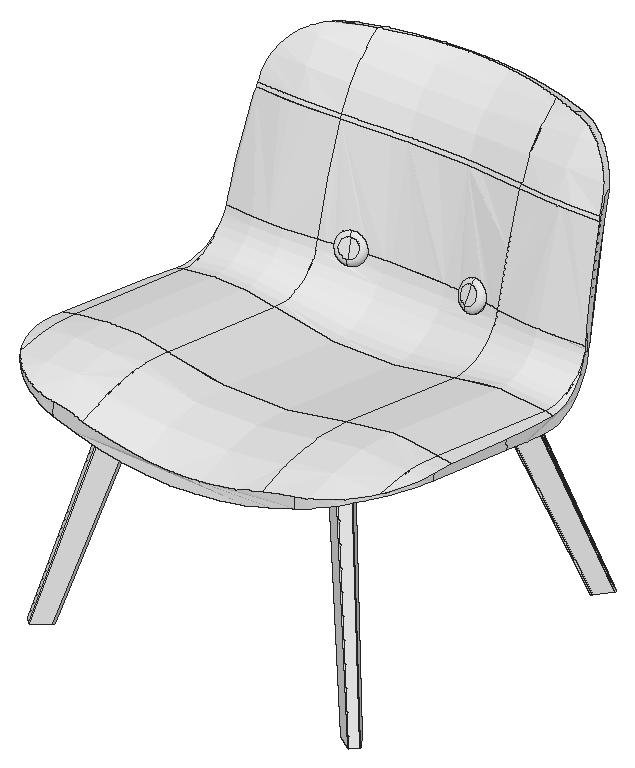
Revit family "HighTower_Eyes_Lounge_WoodLeg", category Furniture, Revit 2015
Parameters
  Width = 2' - 1 1/2"  # constant formula
  URL = "www.hightoweraccess.com"
  Seat Height = 1' - 3 1/4"  # constant formula
  Product URL = "http://www.hightoweraccess.com/product/Eyes-Lounge/"
  Model = "EJ300S"
  Manufacturer = "HighTower"
  Height = 2' - 4 1/2"  # constant formula
  Description = "Eyes, Lounge, Wood Legs"
  Depth = 2' - 4 1/2"  # constant formula
  Upholstery [instance] = Furniture - HIGH TOWER - Eyes - Upholstery
  Leg [instance] = Furniture - HIGH TOWER - Eyes - Leg
  Assembly Description = "Furniture & Accessories"
  Assembly Code = "E2020200"
Reference planes (in)
  plane 1 "Center Front/Back": y = -0.7524
  plane 2: z = 0
  plane 3 "Center Left/Right": x = 0
  plane 4: x = -10
  plane 5: x = 10
  plane 6 "t": z = 32.5
  plane 7: y = -12.5024
  plane 8: y = 10.9976
  plane 9: z = 18
  plane 10: y = -5.07893
  plane 11: through (0, -15.33394, 47.37114) normal (0, 0.9781, -0.2079)
  plane 12: x = -11
  plane 13: through (-11.04731, -180, 0.25736) normal (-0.9312, 0, 0.3646)
Forms (in)
  Blend 1, solid, material "Furniture - HIGH TOWER - Eyes - Leg" <- "Leg"
    base sketch origin (0, 0, 32.5) x (-1, 0, 0) y (0, -1, 0)
      loop
        line (11.3834, -11.2714) -> (10.67626, -10.27165)
        arc (10.67626, -10.27165) -> (10.6191, -10.23892) -> (10.55724, -10.26152) r 0.07813
        line (10.55724, -10.26152) -> (9.86467, -10.95409)
        arc (9.86467, -10.95409) -> (9.84207, -11.01595) -> (9.8748, -11.07311) r 0.07813
        line (9.8748, -11.07311) -> (10.87455, -11.78025)
        arc (10.87455, -11.78025) -> (10.92628, -11.79431) -> (10.9749, -11.77171) r 0.07813
        line (10.9749, -11.77171) -> (11.37486, -11.37176)
        arc (11.37486, -11.37176) -> (11.39746, -11.32314) -> (11.3834, -11.2714) r 0.07813
    top sketch origin (0, 0, 32.5) x (-1, 0, 0) y (0, -1, 0)
      loop
        line (7.59154, -7.31088) -> (6.62896, -5.94999)
        arc (6.62896, -5.94999) -> (6.55286, -5.90641) -> (6.47049, -5.9365) r 0.10402
        line (6.47049, -5.9365) -> (5.53965, -6.86733)
        arc (5.53965, -6.86733) -> (5.50956, -6.94971) -> (5.55314, -7.02581) r 0.10402
        line (5.55314, -7.02581) -> (6.91402, -7.98839)
        arc (6.91402, -7.98839) -> (6.98291, -8.00711) -> (7.04765, -7.97702) r 0.10402
        line (7.04765, -7.97702) -> (7.58017, -7.4445)
        arc (7.58017, -7.4445) -> (7.61026, -7.37977) -> (7.59154, -7.31088) r 0.10402
    from -32.5 to -18.85362
  Blend 2, solid, material "Furniture - HIGH TOWER - Eyes - Leg" <- "Leg"
    base sketch origin (0, 0, 32.5) x (1, 0, 0) y (0, 1, 0)
      loop
        arc (11.3834, 11.2714) -> (11.39746, 11.32314) -> (11.37486, 11.37176) r 0.07813
        line (11.37486, 11.37176) -> (10.9749, 11.77171)
        arc (10.9749, 11.77171) -> (10.92628, 11.79431) -> (10.87455, 11.78025) r 0.07813
        line (10.87455, 11.78025) -> (9.8748, 11.07311)
        arc (9.8748, 11.07311) -> (9.84207, 11.01595) -> (9.86467, 10.95409) r 0.07813
        line (9.86467, 10.95409) -> (10.55724, 10.26152)
        arc (10.55724, 10.26152) -> (10.6191, 10.23892) -> (10.67626, 10.27165) r 0.07813
        line (10.67626, 10.27165) -> (11.3834, 11.2714)
    top sketch origin (0, 0, 32.5) x (1, 0, 0) y (0, 1, 0)
      loop
        arc (7.59154, 7.31088) -> (7.61026, 7.37977) -> (7.58017, 7.4445) r 0.10402
        line (7.58017, 7.4445) -> (7.04765, 7.97702)
        arc (7.04765, 7.97702) -> (6.98291, 8.00711) -> (6.91402, 7.98839) r 0.10402
        line (6.91402, 7.98839) -> (5.55314, 7.02581)
        arc (5.55314, 7.02581) -> (5.50956, 6.94971) -> (5.53965, 6.86733) r 0.10402
        line (5.53965, 6.86733) -> (6.47049, 5.9365)
        arc (6.47049, 5.9365) -> (6.55286, 5.90641) -> (6.62896, 5.94999) r 0.10402
        line (6.62896, 5.94999) -> (7.59154, 7.31088)
    from -32.5 to -18.85362
  Blend 3, solid, material "Furniture - HIGH TOWER - Eyes - Leg" <- "Leg"
    base sketch origin (0, 0.83996, 32.5) x (1, 0, 0) y (0, 1, 0)
      loop
        line (11.3834, -11.2714) -> (10.67626, -10.27165)
        arc (10.67626, -10.27165) -> (10.6191, -10.23892) -> (10.55724, -10.26152) r 0.07813
        line (10.55724, -10.26152) -> (9.86467, -10.95409)
        arc (9.86467, -10.95409) -> (9.84207, -11.01595) -> (9.8748, -11.07311) r 0.07813
        line (9.8748, -11.07311) -> (10.87455, -11.78025)
        arc (10.87455, -11.78025) -> (10.92628, -11.79431) -> (10.9749, -11.77171) r 0.07813
        line (10.9749, -11.77171) -> (11.37486, -11.37176)
        arc (11.37486, -11.37176) -> (11.39746, -11.32314) -> (11.3834, -11.2714) r 0.07813
    top sketch origin (0, 0.83996, 32.5) x (1, 0, 0) y (0, 1, 0)
      loop
        line (7.59154, -7.31088) -> (6.62896, -5.94999)
        arc (6.62896, -5.94999) -> (6.55286, -5.90641) -> (6.47049, -5.9365) r 0.10402
        line (6.47049, -5.9365) -> (5.53965, -6.86733)
        arc (5.53965, -6.86733) -> (5.50956, -6.94971) -> (5.55314, -7.02581) r 0.10402
        line (5.55314, -7.02581) -> (6.91402, -7.98839)
        arc (6.91402, -7.98839) -> (6.98291, -8.00711) -> (7.04765, -7.97702) r 0.10402
        line (7.04765, -7.97702) -> (7.58017, -7.4445)
        arc (7.58017, -7.4445) -> (7.61026, -7.37977) -> (7.59154, -7.31088) r 0.10402
    from -32.5 to -16.24681
  Blend 4, solid, material "Furniture - HIGH TOWER - Eyes - Leg" <- "Leg"
    base sketch origin (0, 0.83996, 32.5) x (-1, 0, 0) y (0, -1, 0)
      loop
        arc (11.3834, 11.2714) -> (11.39746, 11.32314) -> (11.37486, 11.37176) r 0.07813
        line (11.37486, 11.37176) -> (10.9749, 11.77171)
        arc (10.9749, 11.77171) -> (10.92628, 11.79431) -> (10.87455, 11.78025) r 0.07813
        line (10.87455, 11.78025) -> (9.8748, 11.07311)
        arc (9.8748, 11.07311) -> (9.84207, 11.01595) -> (9.86467, 10.95409) r 0.07813
        line (9.86467, 10.95409) -> (10.55724, 10.26152)
        arc (10.55724, 10.26152) -> (10.6191, 10.23892) -> (10.67626, 10.27165) r 0.07813
        line (10.67626, 10.27165) -> (11.3834, 11.2714)
    top sketch origin (0, 0.83996, 32.5) x (-1, 0, 0) y (0, -1, 0)
      loop
        arc (7.59154, 7.31088) -> (7.61026, 7.37977) -> (7.58017, 7.4445) r 0.10402
        line (7.58017, 7.4445) -> (7.04765, 7.97702)
        arc (7.04765, 7.97702) -> (6.98291, 8.00711) -> (6.91402, 7.98839) r 0.10402
        line (6.91402, 7.98839) -> (5.55314, 7.02581)
        arc (5.55314, 7.02581) -> (5.50956, 6.94971) -> (5.53965, 6.86733) r 0.10402
        line (5.53965, 6.86733) -> (6.47049, 5.9365)
        arc (6.47049, 5.9365) -> (6.55286, 5.90641) -> (6.62896, 5.94999) r 0.10402
        line (6.62896, 5.94999) -> (7.59154, 7.31088)
    from -32.5 to -16.24681
  Extrusion 5, void
    sketch origin (0, 0, 0) x (0, 1, 0) y (0, 0, 1)
      loop
        line (13.25749, 13.64638) -> (13.25749, 18) -> (-15.24251, 18) -> (-15.24251, 13.64638) -> (13.25749, 13.64638)
    from -17.68429 to 12
Cuts and joins
  Extrusion 5 cuts Blend 2
  Extrusion 5 cuts Blend 3
  Extrusion 5 cuts Blend 4
Dimensions and locks (in)
  equal spacing: plane 4, plane 3 "Center Left/Right", plane 5
  equal spacing: plane 8, plane 1 "Center Front/Back", plane 7
Automatic sketch dimensions
  Blend 1 sketch curve to plane 8 = 0' - 0.04351"
  plane 4 to Blend 1 sketch curve = 0' - 0.13533"
  plane 8 to Blend 1 sketch curve = 0' - 0.07551"
  Blend 1 sketch curve to Blend 1 sketch curve = 0' - 0.01013"
  plane 8 to Blend 1 sketch curve = 0' - 0 3/256"
  plane 12 to Blend 1 sketch curve = 0' - 0.44276"
  Blend 1 sketch curve to Blend 1 sketch curve = 0' - 0.05524"  (x3)
  Blend 1 sketch curve to Blend 1 sketch curve = 0' - 0.06378"  (x2)
  plane 12 to Blend 1 sketch curve = 0' - 0.12545"
  Blend 1 sketch curve to Blend 1 sketch curve = 0' - 0.04511"  (x3)
  plane 12 to Blend 1 sketch curve = 0' - 0.0251"
  Blend 1 sketch curve to plane 12 = 0' - 0.31961"
  plane 8 to Blend 1 sketch curve = 0' - 0.2738"
  Blend 1 sketch curve to Blend 1 sketch curve = 0' - 0.39995"
  Blend 1 sketch curve to plane 8 = 0' - 0.68084"
  plane 4 to Blend 1 sketch curve = 0' - 4.46035"
  Blend 1 sketch curve to Blend 1 sketch curve = 0' - 0.01349"
  Blend 1 sketch curve to Blend 1 sketch curve = 0' - 0.06007"  (x3)
  Blend 1 sketch curve to Blend 1 sketch curve = 0' - 0.93083"  (x2)
  Blend 1 sketch curve to Blend 1 sketch curve = 0' - 0.07355"  (x4)
  Blend 1 sketch curve to Blend 1 sketch curve = 0' - 0.08492"  (x3)
  Blend 1 sketch curve to Blend 1 sketch curve = 0' - 1.36088"
  Blend 1 sketch curve to Blend 1 sketch curve = 0' - 0.53252"  (x2)
  Blend 1 sketch curve to plane 8 = 0' - 3.00921"
  Blend 1 sketch curve to Blend 1 sketch curve = 0' - 0.01137"
  Blend 1 sketch curve to Blend 1 sketch curve = 0' - 0.96258"
  plane 8 to Blend 2 sketch curve = 0' - 0.04351"
  Blend 2 sketch curve to plane 5 = 0' - 0.13533"
  Blend 2 sketch curve to plane 8 = 0' - 0.07551"
  Blend 2 sketch curve to Blend 2 sketch curve = 0' - 0.01013"
  Blend 2 sketch curve to plane 8 = 0' - 0 3/256"
  plane 5 to Blend 2 sketch curve = 0' - 0.55724"
  Blend 2 sketch curve to Blend 2 sketch curve = 0' - 0.05524"  (x4)
  Blend 2 sketch curve to Blend 2 sketch curve = 0' - 0.06378"  (x2)
  plane 5 to Blend 2 sketch curve = 0' - 0.87455"
  Blend 2 sketch curve to Blend 2 sketch curve = 0' - 0.04511"  (x3)
  Blend 2 sketch curve to Blend 2 sketch curve = 0' - 0.39995"  (x2)
  Blend 2 sketch curve to plane 8 = 0' - 0.2738"
  plane 8 to Blend 2 sketch curve = 0' - 0.68084"
  Blend 2 sketch curve to plane 5 = 0' - 4.46035"
  Blend 2 sketch curve to Blend 2 sketch curve = 0' - 0.01349"
  Blend 2 sketch curve to Blend 2 sketch curve = 0' - 0.06007"  (x3)
  Blend 2 sketch curve to Blend 2 sketch curve = 0' - 0.93083"  (x2)
  Blend 2 sketch curve to Blend 2 sketch curve = 0' - 0.07355"  (x4)
  Blend 2 sketch curve to Blend 2 sketch curve = 0' - 0.08492"  (x3)
  Blend 2 sketch curve to Blend 2 sketch curve = 0' - 1.36088"
  Blend 2 sketch curve to Blend 2 sketch curve = 0' - 0.53252"  (x2)
  plane 8 to Blend 2 sketch curve = 0' - 3.00921"
  Blend 2 sketch curve to Blend 2 sketch curve = 0' - 0.01137"
  Blend 2 sketch curve to Blend 2 sketch curve = 0' - 0.96258"
  plane 5 to Blend 3 sketch curve = 0' - 0.13533"
  Blend 3 sketch curve to Blend 3 sketch curve = 0' - 0.01013"
  Blend 3 sketch curve to Blend 3 sketch curve = 0' - 0.05524"  (x5)
  Blend 3 sketch curve to plane 5 = 0' - 0.55724"
  Blend 3 sketch curve to Blend 3 sketch curve = 0' - 0.06378"  (x3)
  Blend 3 sketch curve to plane 5 = 0' - 0.87455"
  Blend 3 sketch curve to Blend 3 sketch curve = 0' - 0.04511"  (x2)
  Blend 3 sketch curve to Blend 3 sketch curve = 0' - 0.39995"  (x2)
  plane 7 to Blend 3 sketch curve = 0' - 1.56211"
  Blend 3 sketch curve to Blend 3 sketch curve = 0' - 0.00854"
  Blend 3 sketch curve to Blend 3 sketch curve = 0' - 0.70714"
  Blend 3 sketch curve to Blend 3 sketch curve = 0' - 0.69256"
  plane 10 to Blend 3 sketch curve = 0' - 0.94844"
  plane 5 to Blend 3 sketch curve = 0' - 4.46035"
  Blend 3 sketch curve to Blend 3 sketch curve = 0' - 0.01349"
  Blend 3 sketch curve to Blend 3 sketch curve = 0' - 0.06007"  (x3)
  plane 10 to Blend 3 sketch curve = 0' - 0.0176"
  Blend 3 sketch curve to Blend 3 sketch curve = 0' - 0.93083"
  Blend 3 sketch curve to Blend 3 sketch curve = 0' - 0.07355"  (x4)
  plane 10 to Blend 3 sketch curve = 0' - 0.03109"
  Blend 3 sketch curve to Blend 3 sketch curve = 0' - 0.08492"  (x2)
  Blend 3 sketch curve to Blend 3 sketch curve = 0' - 1.36088"
  Blend 3 sketch curve to Blend 3 sketch curve = 0' - 0.53252"  (x2)
  plane 10 to Blend 3 sketch curve = 0' - 1.39198"
  Blend 3 sketch curve to Blend 3 sketch curve = 0' - 0.15848"
  Blend 4 sketch curve to plane 4 = 0' - 0.13533"
  Blend 4 sketch curve to Blend 4 sketch curve = 0' - 0.01013"
  Blend 4 sketch curve to Blend 4 sketch curve = 0' - 0.05524"  (x4)
  Blend 4 sketch curve to plane 12 = 0' - 0.44276"
  Blend 4 sketch curve to Blend 4 sketch curve = 0' - 0.06378"  (x3)
  Blend 4 sketch curve to plane 12 = 0' - 0.12545"
  Blend 4 sketch curve to Blend 4 sketch curve = 0' - 0.04511"  (x2)
  Blend 4 sketch curve to plane 12 = 0' - 0.0251"
  plane 12 to Blend 4 sketch curve = 0' - 0.31961"
  Blend 4 sketch curve to plane 7 = 0' - 1.56211"
  Blend 4 sketch curve to Blend 4 sketch curve = 0' - 0.00854"
  Blend 4 sketch curve to Blend 4 sketch curve = 0' - 0.39995"
  Blend 4 sketch curve to Blend 4 sketch curve = 0' - 0.70714"
  Blend 4 sketch curve to Blend 4 sketch curve = 0' - 0.69256"
  Blend 4 sketch curve to plane 10 = 0' - 0.94844"
  Blend 4 sketch curve to plane 4 = 0' - 4.46035"
  Blend 4 sketch curve to Blend 4 sketch curve = 0' - 0.01349"
  Blend 4 sketch curve to Blend 4 sketch curve = 0' - 0.06007"  (x3)
  Blend 4 sketch curve to plane 10 = 0' - 0.0176"
  Blend 4 sketch curve to Blend 4 sketch curve = 0' - 0.93083"
  Blend 4 sketch curve to Blend 4 sketch curve = 0' - 0.07355"  (x4)
  Blend 4 sketch curve to plane 10 = 0' - 0.03109"
  Blend 4 sketch curve to Blend 4 sketch curve = 0' - 0.08492"  (x2)
  Blend 4 sketch curve to Blend 4 sketch curve = 0' - 1.36088"
  Blend 4 sketch curve to Blend 4 sketch curve = 0' - 0.53252"  (x2)
  Blend 4 sketch curve to plane 10 = 0' - 1.39198"
  Blend 4 sketch curve to Blend 4 sketch curve = 0' - 0.15848"
  plane 9 to Extrusion 5 sketch curve = 0' - 0"
  Extrusion 5 sketch curve to plane 7 = 0' - 2.74011"
  plane 8 to Extrusion 5 sketch curve = 0' - 2.25989"
  plane 9 to Extrusion 5 sketch curve = 0' - 4.35362"
Nested families (in)
  nested 1: "HighTower_Eyes_Seat2" at (0, 2.5, -4.35362), Body <- "Upholstery", type "HighTower_Eyes_Seat2"
    with Top none, Leg none, Body Furniture - HIGH TOWER - Eyes - Upholstery
Definition of nested family "HighTower_Eyes_Seat2"
  Parameters
    Width = 1' - 8"  # constant formula
    URL = "www.hightoweraccess.com"
    Top [instance] = none
    Product URL = ""
    Model = ""
    Manufacturer = "HighTower"
    Height = 2' - 8 1/2"  # constant formula
    Description = ""
    Depth = 1' - 11 1/2"  # constant formula
    Body [instance] = none
    Leg [instance] = none
    Assembly Description = ""
    Assembly Code = ""
  Reference planes (in)
    plane 1 "Center Front/Back": y = -0.7524
    plane 2: z = 0
    plane 3 "Center Left/Right": x = 0
    plane 4: x = -10
    plane 5: x = 10
    plane 6 "t": z = 32.5
    plane 7: y = -12.5024
    plane 8: y = 10.9976
    plane 9: z = 18
    plane 10: y = -5.07893
    plane 11: through (0, -15.33394, 47.37114) normal (0, 0.9781, -0.2079)
    plane 12: through (0, 27.09833, 11.38849) normal (0, 0.9998, -0.0175)
    plane 13: through (0, 3.33033, 11.01349) normal (0, 0.9998, -0.0175)
    plane 14: through (0, 1.64402, 17.17622) normal (0, 0.9986, -0.0523)
  Forms (in)
    Extrusion 1, solid, material <- "Body"
      sketch origin (0, 0, 0) x (0, 1, 0) y (0, 0, 1)
        loop
          line (15.7923, 35.87616) -> (-15.44415, 35.87616) -> (-15.44415, 11.74825) -> (15.7923, 11.74825) -> (15.7923, 35.87616)
      from -14.39295 to 14.41889
    Extrusion 2, void
      sketch origin (0, 0, 0) x (0, 1, 0) y (0, 0, 1)
        loop
          line (15.28202, 24.79873) -> (6.78196, 9.46422) -> (18.03196, 9.46422) -> (18.03196, 24.21422) -> (15.28202, 24.79873)
      from -15.42884 to 12
    Revolve 3, solid, material <- "Body"
      sketch origin (-1.44054, -0.30272, 0.37236) x (-0.258819, 0.965926, 0) y (0, 0, 1)
        loop
          line (6.14548, 20.43432) -> (6.45209, 21.23308) -> (6.33539, 21.27788)
          arc (6.33539, 21.27788) -> (6.23975, 21.27537) -> (6.1739, 21.20598) r 0.125
          line (6.1739, 21.20598) -> (5.91208, 20.52392) -> (6.14548, 20.43432)
        axis (6.14548, 20.43432) -> (5.91208, 20.52392)
      angle from 0 to 360
    Revolve 4, solid, material <- "Body"
      sketch origin (1.44054, -0.30272, 0.37236) x (0.258819, 0.965926, 0) y (0, 0, -1)
        loop
          line (6.14548, -20.43432) -> (5.91208, -20.52392) -> (6.1739, -21.20598)
          arc (6.1739, -21.20598) -> (6.23975, -21.27537) -> (6.33539, -21.27788) r 0.125
          line (6.33539, -21.27788) -> (6.45209, -21.23308) -> (6.14548, -20.43432)
        axis (6.14548, -20.43432) -> (5.91208, -20.52392)
      angle from 0 to 360
    Blend 5, void
      base sketch origin (0, -13.91157, 6.8433) x (-1, 0, 0) y (0, 0.34202, 0.939693)
        loop
          line (14.95504, 25.12861) -> (14.95504, 34.15488) -> (-14.95504, 34.15488) -> (-14.95504, 25.12861) -> (-11.82637, 25.12861) -> (-11.53729, 27.87897)
          arc (-11.53729, 27.87897) -> (-10.28687, 30.54704) -> (-7.65377, 31.86951) r 4.5
          arc (-7.65377, 31.86951) -> (0, 32.375) -> (7.65377, 31.86951) r 58.19662
          arc (7.65377, 31.86951) -> (10.28687, 30.54704) -> (11.53729, 27.87897) r 4.5
          line (11.53729, 27.87897) -> (11.82637, 25.12861) -> (14.95504, 25.12861)
      top sketch origin (0, -13.91157, 6.8433) x (-1, 0, 0) y (0, 0.34202, 0.939693)
        loop
          line (15.43541, 24.89585) -> (15.43541, 34.21205) -> (-15.43541, 34.21205) -> (-15.43541, 24.89585) -> (-12.20624, 24.89585) -> (-11.90788, 27.73456)
          arc (-11.90788, 27.73456) -> (-10.6173, 30.48833) -> (-7.89961, 31.85327) r 4.64454
          arc (-7.89961, 31.85327) -> (0, 32.375) -> (7.89961, 31.85327) r 60.06595
          arc (7.89961, 31.85327) -> (10.6173, 30.48833) -> (11.90788, 27.73456) r 4.64454
          line (11.90788, 27.73456) -> (12.20624, 24.89585) -> (15.43541, 24.89585)
      from 9.38297 to 18.25537
    Sweep 6, void
      path origin (0, 25.3894, -6.01498) x (0, 0.999391, 0.034899) y (0, -0.034899, 0.999391)
        loop
          line (12.84328, 44.54806) -> (8.54287, 33.3451)
          arc (8.54287, 33.3451) -> (7.46129, 30.16834) -> (6.62638, 26.91803) r 43.75
          arc (6.62638, 26.91803) -> (4.10818, 23.2065) -> (-0.27983, 22.27796) r 6
          line (-0.27983, 22.27796) -> (-14.92437, 24.86019)
      profile origin (0, 24.33225, 16.23965) x (0, -0.139173, -0.990268) y (1, 0, 0)
        loop
          line (-4.10364, -16.80238) -> (9.21634, -16.80238) -> (9.21634, 16.57672) -> (-4.10364, 16.57672)
          arc (-4.10364, 16.57672) -> (1.14562, -0.11283) -> (-4.10364, -16.80238) r 29.15606
    Sweep 7, void
      path origin (0, 1.6214, -6.38998) x (0, 0.999391, 0.034899) y (0, -0.034899, 0.999391)
        loop
          line (12.84328, 44.54806) -> (8.54287, 33.3451)
          arc (8.54287, 33.3451) -> (7.46129, 30.16834) -> (6.62638, 26.91803) r 43.75
          arc (6.62638, 26.91803) -> (4.10818, 23.2065) -> (-0.27983, 22.27796) r 6
          line (-0.27983, 22.27796) -> (-10.13202, 24.01517)
          arc (-10.13202, 24.01517) -> (-12.58987, 24.5376) -> (-15.00529, 25.23021) r 36
          line (-15.00529, 25.23021) -> (-23.31052, 27.92875)
      profile origin (0, 0.56426, 15.86465) x (0, -0.139173, -0.990268) y (1, 0, 0)
        loop
          line (-4.69054, -16.80238) -> (9.21634, -16.80238) -> (9.21634, 16.57672) -> (-4.69054, 16.57672)
          arc (-4.69054, 16.57672) -> (1.14562, -0.11283) -> (-4.69054, -16.80238) r 26.78144
    Sweep 8, void
      path origin (0, -0.67124, -0.15701) x (0, 1, 0) y (0, 0, 1)
        loop
          line (22.68571, 33.80561) -> (15.46927, 33.17425)
          arc (15.46927, 33.17425) -> (11.35199, 31.59378) -> (8.69787, 28.07164) r 8
          line (8.69787, 28.07164) -> (8.5928, 27.79793)
          arc (8.5928, 27.79793) -> (7.51065, 24.61925) -> (6.67547, 21.36695) r 43.75
          arc (6.67547, 21.36695) -> (5.0529, 18.93077) -> (2.20566, 18.25186) r 4
          line (2.20566, 18.25186) -> (-7.00441, 19.55454)
          arc (-7.00441, 19.55454) -> (-13.17534, 18.80099) -> (-18.1411, 15.06074) r 12
          line (-18.1411, 15.06074) -> (-18.9493, 14.02629)
      profile origin (0, 1.53442, 18.09485) x (0, -0.140046, -0.990145) y (1, 0, 0)
        loop
          line (-0.10979, -16.12158) -> (-0.82831, -12.4467)
          arc (-0.82831, -12.4467) -> (-1.10445, -9.28873) -> (-0.71077, -6.14325) r 15
          arc (-0.71077, -6.14325) -> (0, 0.0012) -> (-0.71132, 6.14559) r 26.90374
          arc (-0.71132, 6.14559) -> (-1.10427, 9.24173) -> (-0.84802, 12.35217) r 15
          line (-0.84802, 12.35217) -> (0.24144, 18.12842) -> (-3.23771, 18.12842) -> (-3.23771, -16.12158) -> (-0.10979, -16.12158)
    Extrusion 9, void
      sketch origin (0, 0, 0) x (0, 1, 0) y (0, 0, 1)
        loop
          line (14.80415, 36.86671) -> (-17.02645, 36.86671) -> (-17.02645, 21.86671) -> (-24.57537, 21.86671) -> (2.64234, 19.96346) -> (6.6974, 31.10466) -> (9.42925, 34.36035) -> (14.80415, 36.86671)
      from -18.48946 to 17.71825
    Blend 10, void
      base sketch origin (0, 0, 32.5) x (-1, 0, 0) y (0, -1, 0)
        loop
          line (12.92842, 9.33334) -> (12.77705, 3.19225)
          arc (12.77705, 3.19225) -> (12.51032, -0.81391) -> (11.90973, -4.78377) r 48
          line (11.90973, -4.78377) -> (10.70188, -10.9976) -> (17.17727, -10.9976) -> (17.17727, 18.76875) -> (-17.17727, 18.76875) -> (-17.17727, -10.9976) -> (-10.70188, -10.9976) -> (-11.90973, -4.78377)
          arc (-11.90973, -4.78377) -> (-12.51032, -0.81391) -> (-12.77705, 3.19225) r 48
          line (-12.77705, 3.19225) -> (-12.92842, 9.33334)
          arc (-12.92842, 9.33334) -> (-11.54953, 13.01086) -> (-8.00504, 14.70264) r 5.25
          arc (-8.00504, 14.70264) -> (0, 14.95067) -> (8.00504, 14.70264) r 129.30268
          arc (8.00504, 14.70264) -> (11.54953, 13.01086) -> (12.92842, 9.33334) r 5.25
      top sketch origin (0, 0, 32.5) x (-1, 0, 0) y (0, -1, 0)
        loop
          line (13.73645, 8.98226) -> (13.57561, 2.45735)
          arc (13.57561, 2.45735) -> (13.29222, -1.7992) -> (12.65409, -6.01717) r 51
          line (12.65409, -6.01717) -> (11.37075, -12.61937) -> (18.25085, -12.61937) -> (18.25085, 19.00738) -> (-18.25085, 19.00738) -> (-18.25085, -12.61937) -> (-11.37075, -12.61937) -> (-12.65409, -6.01717)
          arc (-12.65409, -6.01717) -> (-13.29222, -1.7992) -> (-13.57561, 2.45735) r 51
          line (-13.57561, 2.45735) -> (-13.73645, 8.98226)
          arc (-13.73645, 8.98226) -> (-12.27137, 12.88963) -> (-8.50535, 14.68714) r 5.57813
          arc (-8.50535, 14.68714) -> (0, 14.95067) -> (8.50535, 14.68714) r 137.38409
          arc (8.50535, 14.68714) -> (12.27137, 12.88963) -> (13.73645, 8.98226) r 5.57813
      from 5.49375 to -28.62831
    Revolve 11, solid, material <- "Body"
      sketch origin (-2.74993, 1.81198, -0.38436) x (-0.224951, 0.969032, 0.101849) y (0, -0.104528, 0.994522)
        loop
          line (6.51714, 21.11066) -> (6.97113, 22.00167) -> (6.78954, 22.0942)
          arc (6.78954, 22.0942) -> (6.50341, 22.11672) -> (6.28517, 21.93032) r 0.375
          line (6.28517, 21.93032) -> (6.00142, 21.37344) -> (6.51714, 21.11066)
        axis (6.51714, 21.11066) -> (6.00142, 21.37344)
      angle from 0 to 360
    Revolve 12, solid, material <- "Body"
      sketch origin (2.74993, 1.81198, -0.38436) x (0.224951, 0.969032, 0.101849) y (0, 0.104528, -0.994522)
        loop
          line (6.51714, -21.11066) -> (6.00142, -21.37344) -> (6.28517, -21.93032)
          arc (6.28517, -21.93032) -> (6.50341, -22.11672) -> (6.78954, -22.0942) r 0.375
          line (6.78954, -22.0942) -> (6.97113, -22.00167) -> (6.51714, -21.11066)
        axis (6.51714, -21.11066) -> (6.00142, -21.37344)
      angle from 0 to 360
  Cuts and joins
    Extrusion 2, Blend 5, Sweep 6, Sweep 7, Sweep 8, Extrusion 9, Blend 10 cuts Extrusion 1
    Blend 5, Sweep 6, Sweep 7, Sweep 8, Extrusion 9, Blend 10 cuts Revolve 3
    Blend 5, Sweep 6, Sweep 7, Sweep 8, Extrusion 9, Blend 10 cuts Revolve 4
    joined: Extrusion 1, Revolve 3, Revolve 4, Revolve 11, Revolve 12
  Lines and regions (in)
    Masking region 1
      outline origin (0, -4.62978, 0) x (-1, 0, 0) y (0, 0, 1)
        loop
          line (12.29027, 20.14808) -> (11.60968, 27.92722)
          arc (11.60968, 27.92722) -> (10.2054, 30.90282) -> (7.20441, 32.25199) r 4.75
          arc (7.20441, 32.25199) -> (0, 32.5) -> (-7.20441, 32.25199) r 104.76268
          arc (-7.20441, 32.25199) -> (-10.2054, 30.90282) -> (-11.60968, 27.92722) r 4.75
          line (-11.60968, 27.92722) -> (-12.29027, 20.14808)
          arc (-12.29027, 20.14808) -> (-12.30996, 20.09089) -> (-12.35419, 20.04964) r 0.125
          line (-12.35419, 20.04964) -> (-12.63057, 19.89645)
          arc (-12.63057, 19.89645) -> (-12.74636, 19.78365) -> (-12.78888, 19.62769) r 0.30729
          line (-12.78888, 19.62769) -> (-12.78888, 19.39348)
          arc (-12.78888, 19.39348) -> (-12.74283, 19.03151) -> (-12.60762, 18.6926) r 1.44567
          line (-12.60762, 18.6926) -> (-12.46042, 18.42705)
          arc (-12.46042, 18.42705) -> (-12.44008, 18.39986) -> (-12.41317, 18.37915) r 0.125
          arc (-12.41317, 18.37915) -> (0, 15.07876) -> (12.41317, 18.37915) r 24.99393
          arc (12.41317, 18.37915) -> (12.44008, 18.39986) -> (12.46042, 18.42705) r 0.125
          line (12.46042, 18.42705) -> (12.60762, 18.6926)
          arc (12.60762, 18.6926) -> (12.74283, 19.03151) -> (12.78888, 19.39348) r 1.44567
          line (12.78888, 19.39348) -> (12.78888, 19.62769)
          arc (12.78888, 19.62769) -> (12.74636, 19.78365) -> (12.63057, 19.89645) r 0.30729
          line (12.63057, 19.89645) -> (12.35419, 20.04964)
          arc (12.35419, 20.04964) -> (12.30996, 20.09089) -> (12.29027, 20.14808) r 0.125
    Masking region 2
      outline origin (0, 0, 0) x (0, 1, 0) y (0, 0, 1)
        loop
          line (8.44542, 19.63027) -> (12.98767, 32.11001)
          arc (12.98767, 32.11001) -> (12.95027, 32.34877) -> (12.72828, 32.44432) r 0.25
          line (12.72828, 32.44432) -> (12.27135, 32.39938)
          arc (12.27135, 32.39938) -> (10.07671, 31.58899) -> (8.55948, 29.80821) r 4.6248
          line (8.55948, 29.80821) -> (4.47197, 21.34539)
          arc (4.47197, 21.34539) -> (3.15124, 19.93331) -> (1.26219, 19.52126) r 3.25
          line (1.26219, 19.52126) -> (-9.62396, 20.47367)
          arc (-9.62396, 20.47367) -> (-11.53046, 20.4071) -> (-13.36423, 19.88127) r 7.82668
          line (-13.36423, 19.88127) -> (-13.69416, 19.74123)
          arc (-13.69416, 19.74123) -> (-14.37538, 19.24174) -> (-14.76215, 18.49077) r 1.84274
          line (-14.76215, 18.49077) -> (-14.90645, 17.912)
          arc (-14.90645, 17.912) -> (-14.87766, 17.72192) -> (-14.72246, 17.60847) r 0.25
          arc (-14.72246, 17.60847) -> (-6.75869, 16.01495) -> (1.30505, 15.04704) r 104.11252
          arc (1.30505, 15.04704) -> (5.64877, 16.13353) -> (8.44542, 19.63027) r 7
    Masking region 3
      outline origin (0, 0, 32.5) x (-1, 0, 0) y (0, -1, 0)
        loop
          arc (12.78965, 9.43467) -> (11.52472, 12.93663) -> (8.1902, 14.59334) r 5
          arc (8.1902, 14.59334) -> (0, 14.91942) -> (-8.1902, 14.59334) r 103.01998
          arc (-8.1902, 14.59334) -> (-11.52472, 12.93663) -> (-12.78965, 9.43467) r 5
          line (-12.78965, 9.43467) -> (-12.25434, -5.89453)
          arc (-12.25434, -5.89453) -> (-11.2732, -8.97872) -> (-8.83279, -11.10458) r 6
          arc (-8.83279, -11.10458) -> (0, -13.09614) -> (8.83279, -11.10458) r 20.58295
          arc (8.83279, -11.10458) -> (11.2732, -8.97872) -> (12.25434, -5.89453) r 6
          line (12.25434, -5.89453) -> (12.78965, 9.43467)
    symbolic lines
      curve 1: spline (-4.31857, -4.62978, 20.40639) -> (-4.56754, -4.62978, 20.48489) -> (-4.78771, -4.62978, 20.62515) -> (-4.96407, -4.62978, 20.81762) -> (-5.08461, -4.62978, 21.04918) -> (-5.14112, -4.62978, 21.30404) -> (-5.12973, -4.62978, 21.56485) -> (-5.05123, -4.62978, 21.81382) -> (-4.91097, -4.62978, 22.03399) -> (-4.7185, -4.62978, 22.21035) -> (-4.48694, -4.62978, 22.33089) -> (-4.23208, -4.62978, 22.38739) -> (-3.97127, -4.62978, 22.37601) -> (-3.7223, -4.62978, 22.29751) -> (-3.50213, -4.62978, 22.15724) -> (-3.32577, -4.62978, 21.96478) -> (-3.20523, -4.62978, 21.73322) -> (-3.14873, -4.62978, 21.47835) -> (-3.16011, -4.62978, 21.21755) -> (-3.23861, -4.62978, 20.96858) -> (-3.37888, -4.62978, 20.74841) -> (-3.57135, -4.62978, 20.57205) -> (-3.8029, -4.62978, 20.45151) -> (-4.05777, -4.62978, 20.395) -> (-4.31857, -4.62978, 20.40639)
      curve 2: arc (-9.019, -4.62978, 20.30292) -> (0, -4.62978, 19.26311) -> (9.019, -4.62978, 20.30292) r 39.6341
      curve 3: arc (-11.90889, -4.62978, 20.20462) -> (-10.47046, -4.62978, 20.4453) -> (-9.019, -4.62978, 20.30292) r 5.54941
      curve 4: arc (9.019, -4.62978, 20.30292) -> (10.47046, -4.62978, 20.4453) -> (11.90889, -4.62978, 20.20462) r 5.54941
      curve 5: arc (8.61822, 10.65296, 32.5) -> (0, 12.59614, 32.5) -> (-8.61822, 10.65296, 32.5) r 20.08295
      curve 6: arc (-8.61822, 10.65296, 32.5) -> (-11.01193, 8.71362, 32.5) -> (-12.25434, 5.89453, 32.5) r 6.55017
      curve 7: arc (8.61822, 10.65296, 32.5) -> (11.01193, 8.71362, 32.5) -> (12.25434, 5.89453, 32.5) r 6.55017
      curve 8: spline (-5.18348, 5.87795, 32.5) -> (-5.16647, 5.99107, 32.5) -> (-5.07893, 6.10912, 32.5) -> (-4.92684, 6.22405, 32.5) -> (-4.72056, 6.32804, 32.5) -> (-4.47413, 6.41399, 32.5) -> (-4.20437, 6.47606, 32.5) -> (-3.92965, 6.51, 32.5) -> (-3.66869, 6.51351, 32.5) -> (-3.43928, 6.48635, 32.5) -> (-3.25705, 6.43036, 32.5) -> (-3.13442, 6.34937, 32.5) -> (-3.07974, 6.2489, 32.5) -> (-3.09675, 6.13578, 32.5) -> (-3.18429, 6.01773, 32.5) -> (-3.33638, 5.90279, 32.5) -> (-3.54267, 5.79881, 32.5) -> (-3.78909, 5.71285, 32.5) -> (-4.05885, 5.65079, 32.5) -> (-4.33358, 5.61684, 32.5) -> (-4.59453, 5.61333, 32.5) -> (-4.82395, 5.6405, 32.5) -> (-5.00618, 5.69648, 32.5) -> (-5.12881, 5.77747, 32.5) -> (-5.18348, 5.87795, 32.5)
      curve 9: spline (5.18348, 5.87795, 32.5) -> (5.16647, 5.99107, 32.5) -> (5.07893, 6.10912, 32.5) -> (4.92684, 6.22405, 32.5) -> (4.72056, 6.32804, 32.5) -> (4.47413, 6.41399, 32.5) -> (4.20437, 6.47606, 32.5) -> (3.92965, 6.51, 32.5) -> (3.66869, 6.51351, 32.5) -> (3.43928, 6.48635, 32.5) -> (3.25705, 6.43036, 32.5) -> (3.13442, 6.34937, 32.5) -> (3.07974, 6.2489, 32.5) -> (3.09675, 6.13578, 32.5) -> (3.18429, 6.01773, 32.5) -> (3.33638, 5.90279, 32.5) -> (3.54267, 5.79881, 32.5) -> (3.78909, 5.71285, 32.5) -> (4.05885, 5.65079, 32.5) -> (4.33358, 5.61684, 32.5) -> (4.59453, 5.61333, 32.5) -> (4.82395, 5.6405, 32.5) -> (5.00618, 5.69648, 32.5) -> (5.12881, 5.77747, 32.5) -> (5.18348, 5.87795, 32.5)
      curve 10: spline (4.31857, -4.62978, 20.40639) -> (4.56754, -4.62978, 20.48489) -> (4.78771, -4.62978, 20.62515) -> (4.96407, -4.62978, 20.81762) -> (5.08461, -4.62978, 21.04918) -> (5.14112, -4.62978, 21.30404) -> (5.12973, -4.62978, 21.56485) -> (5.05123, -4.62978, 21.81382) -> (4.91097, -4.62978, 22.03399) -> (4.7185, -4.62978, 22.21035) -> (4.48694, -4.62978, 22.33089) -> (4.23208, -4.62978, 22.38739) -> (3.97127, -4.62978, 22.37601) -> (3.7223, -4.62978, 22.29751) -> (3.50213, -4.62978, 22.15724) -> (3.32577, -4.62978, 21.96478) -> (3.20523, -4.62978, 21.73322) -> (3.14873, -4.62978, 21.47835) -> (3.16011, -4.62978, 21.21755) -> (3.23861, -4.62978, 20.96858) -> (3.37888, -4.62978, 20.74841) -> (3.57135, -4.62978, 20.57205) -> (3.8029, -4.62978, 20.45151) -> (4.05777, -4.62978, 20.395) -> (4.31857, -4.62978, 20.40639)
      curve 11: line (-12.78849, -4.62978, 19.35996) -> (-12.35895, -4.62978, 19.35996)
      curve 12: arc (-10.62915, -4.62978, 19.1052) -> (0, -4.62978, 17.53978) -> (10.62915, -4.62978, 19.1052) r 36.86837
      curve 13: line (12.78849, -4.62978, 19.35996) -> (12.35895, -4.62978, 19.35996)
      curve 14: arc (-12.35895, -4.62978, 19.35996) -> (-11.48472, -4.62978, 19.29593) -> (-10.62915, -4.62978, 19.1052) r 6
      curve 15: arc (10.62915, -4.62978, 19.1052) -> (11.48472, -4.62978, 19.29593) -> (12.35895, -4.62978, 19.35996) r 6
      curve 16: line (-12.78836, -4.62978, 19.60996) -> (-12.35895, -4.62978, 19.60996)
      curve 17: arc (-12.35895, -4.62978, 19.60996) -> (-11.44829, -4.62978, 19.54326) -> (-10.55707, -4.62978, 19.34459) r 6.25
      curve 18: arc (-10.55707, -4.62978, 19.34459) -> (0, -4.62978, 17.78978) -> (10.55707, -4.62978, 19.34459) r 36.61837
      curve 19: arc (10.55707, -4.62978, 19.34459) -> (11.44829, -4.62978, 19.54326) -> (12.35895, -4.62978, 19.60996) r 6.25
      curve 20: line (12.78836, -4.62978, 19.60996) -> (12.35895, -4.62978, 19.60996)
      curve 21: line (0, 9.40412, 30.4681) -> (0, 4.9698, 20.95868)
      curve 22: line (0, 1.26911, 18.82208) -> (0, -9.95725, 19.80426)
      curve 23: line (0, -12.46555, 19.76048) -> (0, -13.39743, 19.64606)
      curve 24: arc (0, 9.40412, 30.4681) -> (0, 10.26056, 31.58424) -> (0, 11.50846, 32.23385) r 3.25
      curve 25: arc (0, 4.9698, 20.95868) -> (0, 3.45629, 19.30697) -> (0, 1.26911, 18.82208) r 3.72505
      curve 26: arc (0, -9.95725, 19.80426) -> (0, -11.21254, 19.84809) -> (0, -12.46555, 19.76048) r 12
      curve 27: arc (0, -13.39743, 19.64606) -> (0, -14.26224, 19.26102) -> (0, -14.76389, 18.45821) r 1.61892
      curve 28: line (0, -14.61056, 17.58157) -> (0, -14.40167, 18.36115)
      curve 29: arc (0, -13.35173, 19.27385) -> (0, -14.01622, 18.978) -> (0, -14.40167, 18.36115) r 1.24392
      curve 30: line (0, -12.41985, 19.38827) -> (0, -13.35173, 19.27385)
      curve 31: arc (0, -9.98993, 19.43069) -> (0, -11.206, 19.47315) -> (0, -12.41985, 19.38827) r 11.625
      curve 32: line (0, 1.23642, 18.44851) -> (0, -9.98993, 19.43069)
      curve 33: arc (0, 5.30967, 20.8002) -> (0, 3.64379, 18.98221) -> (0, 1.23642, 18.44851) r 4.10005
      curve 34: line (0, 9.79698, 30.42328) -> (0, 5.30967, 20.8002)
      curve 35: line (0, 12.98126, 32.09238) -> (0, 12.0202, 31.99788)
      curve 36: arc (0, 12.0202, 31.99788) -> (0, 10.6999, 31.50523) -> (0, 9.79698, 30.42328) r 2.75
  Dimensions and locks (in)
    equal spacing: plane 4, plane 3 "Center Left/Right", plane 5
    equal spacing: plane 8, plane 1 "Center Front/Back", plane 7
    "Width": plane 4 to plane 5
    "Depth": plane 8 to plane 7
    "Height": plane 6 "t" to level
  Automatic sketch dimensions
    Extrusion 1 sketch curve to plane 7 = 0' - 2.94175"
    plane 8 to Extrusion 1 sketch curve = 0' - 4.7947"
    plane 9 to Extrusion 1 sketch curve = 0' - 6.25175"
    plane 6 "t" to Extrusion 1 sketch curve = 0' - 3.37616"
    Extrusion 2 sketch curve to plane 8 = 0' - 4.21564"
    plane 8 to Extrusion 2 sketch curve = 0' - 4.28442"
    Extrusion 2 sketch curve to Extrusion 2 sketch curve = 0' - 2.74994"
    plane 9 to Extrusion 2 sketch curve = 0' - 8.53578"
    Extrusion 2 sketch curve to plane 9 = 0' - 6.21422"
    Extrusion 2 sketch curve to Extrusion 2 sketch curve = 0' - 0.58452"
    Revolve 3 sketch curve to plane 9 = 0' - 2.89627"
    Revolve 3 sketch curve to plane 9 = 0' - 2.8511"
    Revolve 3 sketch curve to Revolve 3 sketch curve = 0' - 0.11769"
    Revolve 3 sketch curve to plane 9 = 0' - 2.80668"  (x2)
    Revolve 3 sketch curve to Revolve 3 sketch curve = 0' - 0.1157"
    Revolve 3 sketch curve to Revolve 3 sketch curve = 0' - 0"
    Revolve 3 sketch curve to Revolve 3 sketch curve = 0' - 0.26182"
    Revolve 3 sketch curve to Revolve 3 sketch curve = 0' - 0.1167"
    Revolve 3 sketch curve to Revolve 3 sketch curve = 0' - 0.0448"
    Revolve 3 sketch curve to plane 9 = 0' - 3.60544"
    Revolve 4 sketch curve to plane 9 = 0' - 2.89627"
    Revolve 4 sketch curve to plane 9 = 0' - 2.8511"
    Revolve 4 sketch curve to Revolve 4 sketch curve = 0' - 0.11769"
    Revolve 4 sketch curve to plane 9 = 0' - 2.80668"  (x2)
    Revolve 4 sketch curve to Revolve 4 sketch curve = 0' - 0.1157"
    Revolve 4 sketch curve to Revolve 4 sketch curve = 0' - 0"
    Revolve 4 sketch curve to Revolve 4 sketch curve = 0' - 0.26182"
    Revolve 4 sketch curve to Revolve 4 sketch curve = 0' - 0.1167"
    Revolve 4 sketch curve to Revolve 4 sketch curve = 0' - 0.0448"
    Revolve 4 sketch curve to plane 9 = 0' - 3.60544"
    Sweep 6 sketch curve to plane 9 = 0' - 0.30921"
    Sweep 6 sketch curve to plane 8 = 0' - 1.39109"
    Sweep 6 sketch curve to Sweep 6 sketch curve = 1' - 2 165/256"
    Sweep 6 sketch curve to Sweep 6 sketch curve = 0' - 1.04189"
    Sweep 6 sketch curve to Sweep 6 sketch curve = 0' - 5.86432"
    Sweep 6 sketch curve to Sweep 6 sketch curve = 0' - 0"
    Sweep 6 sketch curve to Sweep 6 sketch curve = 0' - 1.91649"
    Sweep 6 sketch curve to Sweep 6 sketch curve = 0' - 4.30042"
    Sweep 6 sketch curve to Sweep 6 sketch curve = 3' - 4.84414"
    Sweep 6 sketch curve to Sweep 6 sketch curve = 0' - 2.58223"
    Sweep 6 sketch curve to Sweep 6 sketch curve = 0' - 4.61146"
    Sweep 6 sketch curve to Sweep 6 sketch curve = 0' - 11.20297"
    Sweep 6 sketch curve to plane 3 "Center Left/Right" = 0' - 0.11283"
    profile plane to Sweep 6 sketch curve = 2' - 4.01044"
    profile plane to Sweep 6 sketch curve = 0' - 4.10364"  (x2)
    Sweep 6 sketch curve to profile plane = 0' - 9.21634"
    Sweep 6 sketch curve to plane 3 "Center Left/Right" = 1' - 4.80238"
    Sweep 7 sketch curve to plane 3 "Center Left/Right" = 0' - 0.11283"
    profile plane to Sweep 7 sketch curve = 2' - 1.63582"
    profile plane to Sweep 7 sketch curve = 0' - 4.69054"  (x2)
    Sweep 7 sketch curve to profile plane = 0' - 9.21634"
    Sweep 7 sketch curve to plane 3 "Center Left/Right" = 1' - 4.80238"
    Sweep 8 sketch curve to plane 3 "Center Left/Right" = 0' - 0"
    profile plane to Sweep 8 sketch curve = 2' - 2.90374"
    profile plane to Sweep 8 sketch curve = 0' - 3.23771"
    profile plane to Sweep 8 sketch curve = 0' - 0.84802"
    profile plane to Sweep 8 sketch curve = 0' - 0.82831"
    profile plane to Sweep 8 sketch curve = 0' - 0.71132"
    Sweep 8 sketch curve to Sweep 8 sketch curve = 0' - 0"  (x3)
    profile plane to Sweep 8 sketch curve = 0' - 0.71077"
    profile plane to Sweep 8 sketch curve = 0' - 0.10979"
    Sweep 8 sketch curve to profile plane = 0' - 0.24144"
    Sweep 8 sketch curve to profile plane = 1' - 1.89209"
    Sweep 8 sketch curve to profile plane = 1' - 1.89294"
    Sweep 8 sketch curve to plane 3 "Center Left/Right" = 0' - 6.14325"
    Sweep 8 sketch curve to Sweep 8 sketch curve = 0' - 3.67488"
    Sweep 8 sketch curve to Sweep 8 sketch curve = 0' - 5.77626"
    Extrusion 9 sketch curve to plane 7 = 0' - 4.52405"
    Extrusion 9 sketch curve to plane 7 = 1' - 0.07297"
    Extrusion 9 sketch curve to plane 1 "Center Front/Back" = 0' - 3.39474"
    Extrusion 9 sketch curve to plane 6 "t" = 0' - 1.39534"
    Extrusion 9 sketch curve to plane 8 = 0' - 4.3002"
    Extrusion 9 sketch curve to plane 8 = 0' - 1.56835"
    plane 8 to Extrusion 9 sketch curve = 0' - 3.80655"
    Extrusion 9 sketch curve to plane 9 = 0' - 3.86671"
    Extrusion 9 sketch curve to plane 9 = 0' - 1.96346"
    plane 6 "t" to Extrusion 9 sketch curve = 0' - 1.86035"
    plane 6 "t" to Extrusion 9 sketch curve = 0' - 4.36671"
    Sweep 8 sketch curve to plane 7 = 0' - 7.11814"
    plane 9 to Sweep 8 sketch curve = 0' - 3.09627"
    Sweep 8 sketch curve to Sweep 8 sketch curve = 0' - 0.8082"
    plane 7 to Sweep 8 sketch curve = 0' - 3.14619"
    plane 10 to Sweep 8 sketch curve = 0' - 2.59672"
    Sweep 8 sketch curve to plane 9 = 0' - 0.09485"
    Sweep 8 sketch curve to plane 1 "Center Front/Back" = 0' - 2.28682"
    Sweep 8 sketch curve to plane 1 "Center Front/Back" = 0' - 2.847"
    Sweep 8 sketch curve to plane 9 = 0' - 3.20994"
    Sweep 8 sketch curve to Sweep 8 sketch curve = 0' - 3.90962"
    Sweep 8 sketch curve to plane 8 = 0' - 3.07604"
    Sweep 8 sketch curve to plane 8 = 0' - 2.97097"
    plane 6 "t" to Sweep 8 sketch curve = 0' - 0.51724"
    plane 8 to Sweep 8 sketch curve = 0' - 3.80043"
    plane 8 to Sweep 8 sketch curve = 0' - 4.49767"
    plane 6 "t" to Sweep 8 sketch curve = 0' - 1.1486"
    Sweep 8 sketch curve to Sweep 8 sketch curve = 0' - 7.21644"
    plane 9 to Sweep 8 sketch curve = 0' - 6.03768"
    level to Sweep 8 sketch curve = 0' - 7.51579"
    Sweep 8 sketch curve to Sweep 8 sketch curve = 0' - 1.03445"
    Sweep 8 sketch curve to plane 6 "t" = 0' - 7.45232"
    Blend 10 sketch curve to plane 8 = 0' - 0"  (x2)
    Blend 10 sketch curve to plane 3 "Center Left/Right" = 0' - 0"  (x2)
    plane 5 to Blend 10 sketch curve = 0' - 2.31998"
    plane 5 to Blend 10 sketch curve = 0' - 1.99496"
    Blend 10 sketch curve to Blend 10 sketch curve = 0' - 0"  (x4)
    Blend 10 sketch curve to plane 5 = 0' - 0.70188"
    Blend 10 sketch curve to plane 5 = 0' - 1.90973"
    Blend 10 sketch curve to plane 10 = 0' - 1.88668"  (x2)
    Blend 10 sketch curve to Blend 10 sketch curve = 0' - 0.86732"  (x2)
    Blend 10 sketch curve to plane 5 = 0' - 2.92842"
    Blend 10 sketch curve to plane 5 = 0' - 7.17727"
    Blend 10 sketch curve to plane 10 = 0' - 0.70387"  (x2)
    Blend 10 sketch curve to Blend 10 sketch curve = 1' - 10.43133"  (x2)
    plane 4 to Blend 10 sketch curve = 0' - 2.31998"
    plane 4 to Blend 10 sketch curve = 0' - 1.99496"
    Blend 10 sketch curve to plane 4 = 0' - 0.70188"
    Blend 10 sketch curve to plane 4 = 0' - 1.90973"
    Blend 10 sketch curve to plane 4 = 0' - 2.92842"
    Blend 10 sketch curve to plane 4 = 0' - 7.17727"
    plane 8 to Blend 10 sketch curve = 8' - 7.3544"
    Blend 10 sketch curve to Blend 10 sketch curve = 0' - 6.14109"
    Blend 10 sketch curve to plane 7 = 0' - 6.26635"
    Blend 10 sketch curve to plane 5 = 0' - 1.37075"
    Blend 10 sketch curve to plane 5 = 0' - 2.65409"
    plane 1 "Center Front/Back" to Blend 10 sketch curve = 0' - 1.70495"  (x2)
    Blend 10 sketch curve to plane 10 = 0' - 1.36485"  (x2)
    Blend 10 sketch curve to Blend 10 sketch curve = 1' - 11.83329"  (x2)
    Blend 10 sketch curve to plane 4 = 0' - 1.37075"
    Blend 10 sketch curve to plane 4 = 0' - 2.65409"
    plane 10 to Blend 10 sketch curve = 0' - 3.90332"
    plane 8 to Blend 10 sketch curve = 0' - 1.62177"  (x2)
    Blend 10 sketch curve to plane 7 = 0' - 6.50498"
    Blend 10 sketch curve to Blend 10 sketch curve = 0' - 0.92153"  (x2)
    Blend 10 sketch curve to plane 5 = 0' - 3.73645"
    Blend 10 sketch curve to plane 5 = 0' - 8.25085"
    plane 5 to Blend 10 sketch curve = 0' - 1.49465"
    plane 5 to Blend 10 sketch curve = 0' - 1.83998"
    plane 4 to Blend 10 sketch curve = 0' - 1.83998"
    plane 4 to Blend 10 sketch curve = 0' - 1.49465"
    Blend 10 sketch curve to Blend 10 sketch curve = 0' - 5.57643"
    Blend 10 sketch curve to plane 4 = 0' - 8.25085"
    Blend 10 sketch curve to Blend 10 sketch curve = 9' - 1.81405"
    Blend 5 sketch curve to plane 3 "Center Left/Right" = 0' - 0"  (x2)
    plane 5 to Blend 5 sketch curve = 0' - 2.93806"
    Blend 5 sketch curve to Blend 5 sketch curve = 0' - 0.59182"  (x2)
    Blend 5 sketch curve to Blend 5 sketch curve = 0' - 0"  (x4)
    Blend 5 sketch curve to plane 5 = 0' - 1.53729"
    Blend 5 sketch curve to plane 5 = 0' - 1.82637"
    Blend 5 sketch curve to Blend 5 sketch curve = 0' - 3.12867"  (x2)
    plane 4 to Blend 5 sketch curve = 0' - 2.93806"
    Blend 5 sketch curve to plane 4 = 0' - 1.53729"
    Blend 5 sketch curve to plane 4 = 0' - 1.82637"
    Blend 5 sketch curve to Blend 5 sketch curve = 0' - 2.75037"  (x2)
    plane 5 to Blend 5 sketch curve = 0' - 2.71122"
    Blend 5 sketch curve to Blend 5 sketch curve = 0' - 0.61083"
    Blend 5 sketch curve to plane 5 = 0' - 1.90788"
    Blend 5 sketch curve to plane 5 = 0' - 2.20624"
    Blend 5 sketch curve to Blend 5 sketch curve = 0' - 3.22917"  (x2)
    plane 4 to Blend 5 sketch curve = 0' - 2.71122"
    Blend 5 sketch curve to plane 4 = 0' - 1.90788"
    Blend 5 sketch curve to plane 4 = 0' - 2.20624"
    Blend 5 sketch curve to Blend 5 sketch curve = 0' - 2.83871"  (x2)
    Blend 5 sketch curve to Blend 5 sketch curve = 4' - 2.95022"
    Blend 5 sketch curve to Blend 5 sketch curve = 0' - 6.27591"
    plane 4 to Blend 5 sketch curve = 0' - 2.10039"
    Blend 5 sketch curve to Blend 5 sketch curve = 4' - 4.5868"
    Blend 5 sketch curve to Blend 5 sketch curve = 0' - 6.4775"
    Sweep 7 sketch curve to plane 11 = 0' - 1.61229"
    Sweep 7 sketch curve to plane 9 = 0' - 2.70823"
    Sweep 7 sketch curve to Sweep 7 sketch curve = 0' - 8.30523"
    Sweep 7 sketch curve to Sweep 7 sketch curve = 0' - 4.87328"
    Sweep 7 sketch curve to Sweep 7 sketch curve = 0' - 11.12461"
    Sweep 7 sketch curve to Sweep 7 sketch curve = 0' - 9.85219"
    Sweep 7 sketch curve to Sweep 7 sketch curve = 0' - 1.04189"
    Sweep 7 sketch curve to Sweep 7 sketch curve = 0' - 5.86432"
    Sweep 7 sketch curve to Sweep 7 sketch curve = 0' - 0"
    Sweep 7 sketch curve to Sweep 7 sketch curve = 0' - 1.91649"
    Sweep 7 sketch curve to Sweep 7 sketch curve = 0' - 4.30042"
    Sweep 7 sketch curve to Sweep 7 sketch curve = 3' - 6.76063"
    Sweep 7 sketch curve to Sweep 7 sketch curve = 0' - 1.01072"
    Sweep 7 sketch curve to Sweep 7 sketch curve = 0' - 2.69853"
    Sweep 7 sketch curve to Sweep 7 sketch curve = 0' - 1.21504"
    Sweep 7 sketch curve to Sweep 7 sketch curve = 0' - 4.64007"
    Sweep 7 sketch curve to Sweep 7 sketch curve = 0' - 11.20297"
    Revolve 11 sketch curve to Revolve 11 sketch curve = 0' - 1.65332"
    Revolve 11 sketch curve to Revolve 11 sketch curve = 0' - 0.51572"
    Revolve 11 sketch curve to Revolve 11 sketch curve = 0' - 0 75/256"
    Revolve 11 sketch curve to Revolve 11 sketch curve = 0' - 0.28374"
    Revolve 11 sketch curve to Revolve 11 sketch curve = 0' - 0.33413"
    Revolve 11 sketch curve to Revolve 11 sketch curve = 0' - 0.17025"
    Revolve 11 sketch curve to Revolve 11 sketch curve = 0' - 0.18159"
    Revolve 11 sketch curve to Revolve 11 sketch curve = 0' - 0.14928"
    Revolve 11 sketch curve to Revolve 11 sketch curve = 0' - 0.1135"
    Revolve 11 sketch curve to Revolve 11 sketch curve = 0' - 0.84241"
    Revolve 12 sketch curve to Revolve 12 sketch curve = 0' - 1.65332"
    Revolve 12 sketch curve to Revolve 12 sketch curve = 0' - 0.22275"
    Revolve 12 sketch curve to Revolve 12 sketch curve = 0' - 0.28374"
    Revolve 12 sketch curve to Revolve 12 sketch curve = 0' - 0 75/256"
    Revolve 12 sketch curve to Revolve 12 sketch curve = 0' - 0.33413"
    Revolve 12 sketch curve to Revolve 12 sketch curve = 0' - 0.17025"
    Revolve 12 sketch curve to Revolve 12 sketch curve = 0' - 0.18159"
    Revolve 12 sketch curve to Revolve 12 sketch curve = 0' - 0.12165"
    Revolve 12 sketch curve to Revolve 12 sketch curve = 0' - 0.16388"
    Revolve 12 sketch curve to Revolve 12 sketch curve = 0' - 0.1135"
    Masking region 3 sketch curve to plane 3 "Center Left/Right" = 0' - 0"  (x2)
    plane 5 to Masking region 3 sketch curve = 0' - 2.2073"
    plane 5 to Masking region 3 sketch curve = 0' - 1.8098"
    Masking region 3 sketch curve to Masking region 3 sketch curve = 0' - 0"  (x3)
    plane 8 to Masking region 3 sketch curve = 0' - 0.10698"  (x2)
    plane 5 to Masking region 3 sketch curve = 0' - 1.16721"
    Masking region 3 sketch curve to plane 5 = 0' - 2.25434"
    Masking region 3 sketch curve to plane 5 = 0' - 2.78965"
    plane 4 to Masking region 3 sketch curve = 0' - 2.2073"
    plane 4 to Masking region 3 sketch curve = 0' - 1.8098"
    plane 4 to Masking region 3 sketch curve = 0' - 1.16721"
    Masking region 3 sketch curve to plane 4 = 0' - 2.25434"
    Masking region 3 sketch curve to plane 4 = 0' - 2.78965"
    Masking region 3 sketch curve to plane 8 = 0' - 5.10307"
    Masking region 3 sketch curve to Masking region 3 sketch curve = 0' - 5.99634"  (x2)
    plane 8 to Masking region 3 sketch curve = 6' - 5.10296"
    plane 1 "Center Front/Back" to Masking region 3 sketch curve = 0' - 8.68227"
    curve 5 to plane 3 "Center Left/Right" = 0' - 0"
    plane 3 "Center Left/Right" to curve 9 = 0' - 4.13161"
    curve 9 to curve 9 = 0' - 1.05187"
    curve 7 to curve 9 = 0' - 0.62386"
    curve 7 to plane 8 = 0' - 0.34464"
    plane 5 to curve 7 = 0' - 1.38178"
    curve 5 to curve 7 = 0' - 0"
    curve 7 to plane 5 = 0' - 2.25434"
    curve 8 to plane 3 "Center Left/Right" = 0' - 4.13161"
    curve 8 to curve 8 = 0' - 1.05187"
    curve 8 to curve 6 = 0' - 0.62386"
    curve 5 to plane 8 = 0' - 0.34464"
    curve 6 to curve 5 = 0' - 0"
    curve 6 to plane 4 = 0' - 2.25434"
    curve 9 to plane 8 = 0' - 4.93418"
    curve 8 to plane 8 = 0' - 4.93418"
    curve 5 to curve 7 = 0' - 4.75844"
    Masking region 1 sketch curve to plane 3 "Center Left/Right" = 0' - 0"  (x2)
    plane 5 to Masking region 1 sketch curve = 0' - 3.12224"
    Masking region 1 sketch curve to plane 6 "t" = 0' - 0.24801"  (x2)
    Masking region 1 sketch curve to Masking region 1 sketch curve = 0' - 0.32665"  (x2)
    Masking region 1 sketch curve to Masking region 1 sketch curve = 0' - 0"  (x3)
    Masking region 1 sketch curve to plane 5 = 0' - 1.60968"
    Masking region 1 sketch curve to plane 9 = 0' - 0.37915"
    Masking region 1 sketch curve to Masking region 1 sketch curve = 0' - 1.06997"
    Masking region 1 sketch curve to Masking region 1 sketch curve = 0' - 0.94706"  (x2)
    Masking region 1 sketch curve to Masking region 1 sketch curve = 0' - 0.06208"  (x2)
    Masking region 1 sketch curve to Masking region 1 sketch curve = 0' - 0.06392"  (x2)
    Masking region 1 sketch curve to Masking region 1 sketch curve = 0' - 0.12452"
    Masking region 1 sketch curve to Masking region 1 sketch curve = 0' - 0.04725"  (x2)
    Masking region 1 sketch curve to Masking region 1 sketch curve = 0' - 0.1274"  (x2)
    Masking region 1 sketch curve to Masking region 1 sketch curve = 0' - 0.1472"  (x2)
    Masking region 1 sketch curve to Masking region 1 sketch curve = 0' - 0.14898"  (x2)
    Masking region 1 sketch curve to Masking region 1 sketch curve = 0' - 0.30729"  (x2)
    plane 4 to Masking region 1 sketch curve = 0' - 3.12224"
    Masking region 1 sketch curve to plane 4 = 0' - 1.34321"
    Masking region 1 sketch curve to plane 4 = 0' - 1.60968"
    Masking region 1 sketch curve to plane 9 = 0' - 0.48765"
    Masking region 1 sketch curve to Masking region 1 sketch curve = 0' - 1.00789"
    Masking region 1 sketch curve to Masking region 1 sketch curve = 0' - 0.0606"
    Masking region 1 sketch curve to plane 9 = 0' - 0.6926"
    Masking region 1 sketch curve to level = 6' - 0.26268"
    Masking region 1 sketch curve to Masking region 1 sketch curve = 0' - 0.04789"
    Masking region 1 sketch curve to Masking region 1 sketch curve = 0' - 0.26555"
    Masking region 1 sketch curve to Masking region 1 sketch curve = 0' - 0.23421"  (x2)
    Masking region 1 sketch curve to Masking region 1 sketch curve = 0' - 0.1532"  (x2)
    Masking region 1 sketch curve to Masking region 1 sketch curve = 0' - 0.09843"  (x2)
    curve 12 to curve 18 = 0' - 0"  (x2)
    curve 14 to curve 17 = 0' - 0"  (x2)
    curve 15 to curve 19 = 0' - 0"  (x2)
    curve 18 to plane 3 "Center Left/Right" = 0' - 0"
    curve 2 to plane 3 "Center Left/Right" = 0' - 0"
    plane 3 "Center Left/Right" to curve 10 = 0' - 4.14492"
    curve 10 to curve 10 = 0' - 0.17365"
    plane 5 to curve 4 = 0' - 0.981"
    curve 2 to curve 4 = 0' - 0"
    curve 4 to plane 5 = 0' - 0.2818"
    curve 19 to plane 5 = 0' - 0.55707"
    curve 18 to curve 19 = 0' - 0"
    curve 15 to curve 19 = 0' - 0.07207"
    curve 12 to curve 15 = 0' - 0"
    curve 4 to curve 19 = 0' - 1.35182"
    curve 13 to curve 4 = 0' - 0.45006"
    curve 20 to curve 19 = 0' - 0.42942"
    curve 13 to curve 20 = 0' - 0.00012"
    curve 1 to plane 3 "Center Left/Right" = 0' - 4.14492"
    curve 1 to curve 1 = 0' - 0.17365"
    plane 4 to curve 2 = 0' - 0.981"
    curve 3 to curve 2 = 0' - 0"
    curve 3 to plane 4 = 0' - 0.2818"
    curve 18 to plane 4 = 0' - 0.55707"
    curve 17 to curve 18 = 0' - 0"
    curve 14 to curve 12 = 0' - 0"
    curve 17 to curve 3 = 0' - 1.35182"
    curve 3 to curve 14 = 0' - 0.45006"
    curve 16 to curve 16 = 0' - 0.42942"
    curve 16 to curve 11 = 0' - 0.00012"
    plane 9 to curve 14 = 0' - 4.64004"
    curve 14 to curve 3 = 0' - 1.53914"
    curve 4 to curve 12 = 0' - 4.2061"
    curve 16 to curve 3 = 0' - 0.59466"
    curve 10 to plane 9 = 0' - 2.40639"
    curve 1 to plane 9 = 0' - 2.40639"
    plane 9 to Masking region 2 sketch curve = 0' - 0.088"
    Masking region 2 sketch curve to plane 7 = 0' - 2.40405"
    Masking region 2 sketch curve to Masking region 2 sketch curve = 0' - 0.1443"
    Masking region 2 sketch curve to Masking region 2 sketch curve = 0' - 0.184"
    Masking region 2 sketch curve to Masking region 2 sketch curve = 0' - 0"  (x2)
    plane 9 to Masking region 2 sketch curve = 0' - 0.14848"
    Masking region 2 sketch curve to Masking region 2 sketch curve = 0' - 0 15/256"
    Masking region 2 sketch curve to plane 7 = 0' - 1.19176"
    Masking region 2 sketch curve to Masking region 2 sketch curve = 0' - 0.32993"
    Masking region 2 sketch curve to plane 9 = 0' - 0.04497"
    Masking region 2 sketch curve to plane 7 = 0' - 0.47174"
    plane 7 to Masking region 2 sketch curve = 0' - 2.1963"
    plane 7 to Masking region 2 sketch curve = 0' - 2.87844"
    Masking region 2 sketch curve to plane 1 "Center Front/Back" = 0' - 2.01459"
    Masking region 2 sketch curve to plane 1 "Center Front/Back" = 0' - 2.05745"
    Masking region 2 sketch curve to plane 1 "Center Front/Back" = 0' - 2.29785"
    Masking region 2 sketch curve to Masking region 2 sketch curve = 0' - 0.32212"
    Masking region 2 sketch curve to plane 9 = 0' - 3.34539"
    Masking region 2 sketch curve to Masking region 2 sketch curve = 0' - 2.6044"
    Masking region 2 sketch curve to plane 9 = 0' - 1.63027"
    Masking region 2 sketch curve to Masking region 2 sketch curve = 0' - 3.97345"
    Masking region 2 sketch curve to plane 8 = 0' - 2.43812"
    Masking region 2 sketch curve to plane 6 "t" = 0' - 0.10062"
    plane 8 to Masking region 2 sketch curve = 0' - 1.27375"
    plane 8 to Masking region 2 sketch curve = 0' - 1.72636"
    Masking region 2 sketch curve to plane 6 "t" = 0' - 0.05568"
    Masking region 2 sketch curve to Masking region 2 sketch curve = 0' - 0.45693"
    Masking region 2 sketch curve to Masking region 2 sketch curve = 0' - 0.02447"
    Masking region 2 sketch curve to plane 6 "t" = 0' - 0.38999"
    Masking region 2 sketch curve to Masking region 2 sketch curve = 0' - 0.23492"
    plane 9 to Masking region 2 sketch curve = 0' - 5.32323"
    Masking region 2 sketch curve to plane 9 = 0' - 0.49077"
    Masking region 2 sketch curve to plane 9 = 0' - 1.52126"
    Masking region 2 sketch curve to Masking region 2 sketch curve = 0' - 0.14005"
    Masking region 2 sketch curve to Masking region 2 sketch curve = 0' - 4.31323"
    curve 25 to curve 33 = 0' - 0"  (x2)
    curve 26 to curve 31 = 0' - 0"  (x2)
